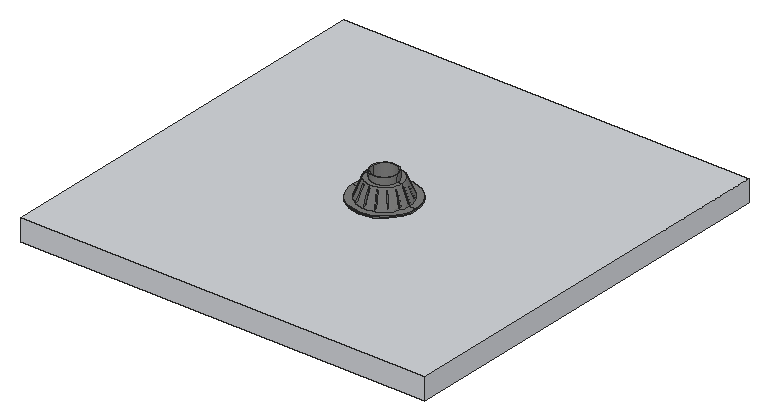
Revit family
Parameters (values of type "6"")
  URL = "WWW.MIFAB.COM"
  Roof Drain = Roof Drain
  Pipe Radius = 3.000"
  Pipe Diameter = Pipe Radius * 2  # 6.000"
  Model = "R1206-SO"
  Manufacturer = "MIFAB"
  HD = 3.000"
  Description = "LARGE SUMP DUAL\r\nOUTLET ROOF DRAIN"
  Default Elevation = 48.000"
  A = 5.000"
Types (5): name | Pipe Radius | Pipe Diameter | Model | HD | A
  (no name) | 3.000" | 6.000" | "R1206-SO" | 3.000" | 5.000"
  2" | 1.000" | 2.000" | "R1202-SO" | 3.000" | 6.000"
  3" | 1.500" | 3.000" | "R1203-SO" | 3.000" | 5.500"
  4" | 2.000" | 4.000" | "R1204-SO" | 2.200" | 5.000"
  6" | 3.000" | 6.000" | "R1206-SO" | 3.000" | 5.000"
Reference planes (in)
  plane 1 "Center (Front/Back)": y = 0
  plane 2: z = 0
  plane 3 "Center (Left/Right)": x = 0
  plane 4: z = -9
  plane 5: z = -0.2
  plane 6: z = 0.2085
  plane 7: x = 4.2
  plane 8: z = 4.56
  plane 9: x = 6
  plane 10: x = -0.25
  plane 11: x = 0.25
  plane 12: z = 4.15625
  plane 13: z = 0.7085
  plane 14: x = -4.25
  plane 15: x = 4.25
  plane 16: x = -7.5
  plane 17: x = 7.5
  plane 18: x = 3
  plane 19: z = 6
  plane 20: z = -5
  plane 21: z = -2
  plane 22: z = -8
  plane 23: x = 3
Forms (in)
  Extrusion 1, solid
    sketch origin (0, 0, 0) x (1, 0, 0) y (0, 1, 0)
      loop
        line (-48, 48) -> (-48, -48) -> (48, -48) -> (48, 48) -> (-48, 48)
    from 0 to -5.11616
  Revolve 2, solid, material "Roof Drain" <- "Roof Drain"
    sketch origin (0, 0, 0) x (1, 0, 0) y (0, 0, 1)
      loop
        line (3, 4.56) -> (3, 4.36) -> (4.06629, 4.36) -> (5.78356, 0.2085) -> (7.5, 0.2085) -> (7.5, 0.4085) -> (5.91727, 0.4085) -> (4.2, 4.56) -> (3, 4.56)
      axis (0, 0.2085) -> (0, 4.56)
    angle from 0 to 360
  Extrusion 3, void
    sketch origin (0, 0, 0) x (1, 0, 0) y (0, 0, 1)
      loop
        line (-0.25, 4.15625) -> (-0.25, 0.7085) -> (0.25, 0.7085) -> (0.25, 4.15625) -> (-0.25, 4.15625)
    from -6.43838 to 6.34689
  Extrusion 4, void
    sketch origin (0, 0, 0) x (0.92388, -0.382683, 0) y (0, 0, 1)
      loop
        line (-0.25, 4.15625) -> (-0.25, 0.7085) -> (0.25, 0.7085) -> (0.25, 4.15625) -> (-0.25, 4.15625)
    from -6.43838 to 6.34689
  Extrusion 5, void
    sketch origin (0, 0, 0) x (0.92388, 0.382683, 0) y (0, 0, 1)
      loop
        line (-0.25, 4.15625) -> (-0.25, 0.7085) -> (0.25, 0.7085) -> (0.25, 4.15625) -> (-0.25, 4.15625)
    from -6.43838 to 6.34689
  Extrusion 6, void
    sketch origin (0, 0, 0) x (0.707107, 0.707107, 0) y (0, 0, 1)
      loop
        line (-0.25, 4.15625) -> (-0.25, 0.7085) -> (0.25, 0.7085) -> (0.25, 4.15625) -> (-0.25, 4.15625)
    from -6.43838 to 6.34689
  Extrusion 7, void
    sketch origin (0, 0, 0) x (0.382683, 0.92388, 0) y (0, 0, 1)
      loop
        line (-0.25, 4.15625) -> (-0.25, 0.7085) -> (0.25, 0.7085) -> (0.25, 4.15625) -> (-0.25, 4.15625)
    from -6.43838 to 6.34689
  Extrusion 8, void
    sketch origin (0, 0, 0) x (0, 1, 0) y (0, 0, 1)
      loop
        line (-0.25, 4.15625) -> (-0.25, 0.7085) -> (0.25, 0.7085) -> (0.25, 4.15625) -> (-0.25, 4.15625)
    from -6.43838 to 6.34689
  Extrusion 9, void
    sketch origin (0, 0, 0) x (-0.382683, 0.92388, 0) y (0, 0, 1)
      loop
        line (-0.25, 4.15625) -> (-0.25, 0.7085) -> (0.25, 0.7085) -> (0.25, 4.15625) -> (-0.25, 4.15625)
    from -6.43838 to 6.34689
  Extrusion 10, void
    sketch origin (0, 0, 0) x (-0.707107, 0.707107, 0) y (0, 0, 1)
      loop
        line (-0.25, 4.15625) -> (-0.25, 0.7085) -> (0.25, 0.7085) -> (0.25, 4.15625) -> (-0.25, 4.15625)
    from -6.43838 to 6.34689
  Revolve 11, solid, material "Roof Drain" <- "Roof Drain"
    sketch origin (0, 0, 0) x (1, 0, 0) y (0, 0, 1)
      loop
        line (4.25, -8) -> (4.25, 0) -> (7.5, 0) -> (7.5, 0.2085) -> (4.05, 0.2085) -> (4.05, -7.8) -> (3, -7.8) -> (3, -8) -> (4.25, -8)
      axis (0, 0.2085) -> (0, -8)
    angle from 0 to 360
  Revolve 12, solid, material "Roof Drain" <- "Roof Drain"
    sketch origin (0, 0, 0) x (1, 0, 0) y (0, 0, 1)
      loop
        line (3, 6) -> (2.8, 6) -> (2.8, -9) -> (3, -9) -> (3, 6)
      axis (0, 6) -> (0, -9)
    angle from 0 to 360
  Revolve 13, solid, material "Roof Drain" <- "Roof Drain"
    sketch origin (0, 0, 0) x (1, 0, 0) y (0, 0, 1)
      loop
        line (3, -8) -> (6, -8) -> (6, -7.9) -> (3, -7.9) -> (3, -8)
      axis (6, -5) -> (3, -5)
    angle from 0 to 360
  Revolve 14, void
    sketch origin (0, 0, 0) x (1, 0, 0) y (0, 0, 1)
      loop
        line (6, -5) -> (3, -5) -> (3, -7.9) -> (6, -7.9) -> (6, -5)
      axis (3, -5) -> (6, -5)
    angle from 0 to 360
Cuts and joins
  Extrusion 3, Extrusion 4, Extrusion 5, Extrusion 6, Extrusion 7, Extrusion 8, Extrusion 9, Extrusion 10 cuts Revolve 2
  Revolve 14 cuts Revolve 11
  Revolve 14 cuts Revolve 13
  joined: Revolve 11, Revolve 13
Dimensions and locks (in)
  level to plane 4 = 9.000"
  level to plane 5 = 0.200"
  locked: plane 7 to plane 3 "Center (Left/Right)" at 4.2
  locked: plane 8 to level at 4.56
  locked: plane 9 to plane 3 "Center (Left/Right)" at 6
  locked: plane 8 to Revolve 2 sketch curve at 0.2
  locked: Revolve 2 sketch curve to Revolve 2 sketch curve at 0.2
  plane 8 to plane 12 = 0.40375"
  locked: plane 13 to plane 6 at 0.5
  plane 14 to plane 15 = 8.500"
  equal spacing: plane 14, plane 3 "Center (Left/Right)", plane 15
  equal spacing: plane 16, plane 3 "Center (Left/Right)", plane 17
  plane 16 to plane 17 = 15.000"
  locked: plane 15 to Revolve 11 sketch curve at 0.2
  plane 19 to level = 6.000"
  "A": level to plane 20
  plane 3 "Center (Left/Right)" to plane 18 to plane 15 = 3.000", 1.250"
  equal spacing: plane 21, plane 20, plane 22
  "Pipe Diameter": plane 21 to plane 22
  "Pipe Radius": plane 18 to plane 3 "Center (Left/Right)"
  locked: Revolve 13 sketch curve to plane 22 at 0.1
  locked: Revolve 2 sketch curve to plane 6 at 0.2
  locked: Revolve 14 sketch curve to plane 22 at 0.1
  "HD": plane 23 to plane 3 "Center (Left/Right)"
  aligned and locked: plane 2 to Extrusion 1
  aligned and locked: level to Extrusion 1
  aligned and locked: plane 3 "Center (Left/Right)" to Revolve 2 sketch curve
  aligned and locked: Revolve 2 sketch curve to plane 8
  aligned and locked: plane 7 to Revolve 2 sketch curve
  aligned and locked: Revolve 2 sketch curve to plane 6
  aligned and locked: Revolve 11 sketch curve to plane 3 "Center (Left/Right)"
  aligned and locked: plane 15 to Revolve 11 sketch curve
  aligned and locked: Revolve 11 sketch curve to level
  aligned and locked: Revolve 11 sketch curve to plane 22
  aligned and locked: Revolve 12 sketch curve to plane 18
  aligned and locked: Revolve 12 sketch curve to plane 19
  aligned and locked: plane 4 to Revolve 12 sketch curve
  aligned and locked: Revolve 12 sketch curve to plane 3 "Center (Left/Right)"
  aligned and locked: plane 20 to Revolve 13 sketch curve
  aligned and locked: Revolve 2 sketch curve to plane 17
  aligned and locked: Revolve 11 sketch curve to plane 6
  aligned and locked: Revolve 2 sketch curve to plane 18
  aligned and locked: Revolve 11 sketch curve to plane 18
  aligned and locked: Revolve 14 sketch curve to cut or joined group of Revolve 11, Revolve 13, Revolve 14  (x2)
  aligned and locked: Revolve 14 sketch curve to plane 20
  aligned and locked: plane 23 to cut or joined group of Revolve 11, Revolve 13, Revolve 14
  aligned and locked: cut or joined group of Revolve 11, Revolve 13, Revolve 14 to plane 9
Automatic sketch dimensions
  Extrusion 1 sketch curve to Extrusion 1 sketch curve = 96.000"  (x2)
  Extrusion 3 sketch curve to Extrusion 3 sketch curve = 0.500"
  Extrusion 3 sketch curve to Extrusion 3 sketch curve = 3.44775"
  Extrusion 4 sketch curve to Extrusion 4 sketch curve = 0.500"
  Extrusion 4 sketch curve to Extrusion 4 sketch curve = 3.44775"
  Extrusion 5 sketch curve to Extrusion 5 sketch curve = 0.500"
  Extrusion 5 sketch curve to Extrusion 5 sketch curve = 3.44775"
  Extrusion 6 sketch curve to Extrusion 6 sketch curve = 0.500"
  Extrusion 6 sketch curve to Extrusion 6 sketch curve = 3.44775"
  Extrusion 7 sketch curve to Extrusion 7 sketch curve = 0.500"
  Extrusion 7 sketch curve to Extrusion 7 sketch curve = 3.44775"
  Extrusion 8 sketch curve to Extrusion 8 sketch curve = 0.500"
  Extrusion 8 sketch curve to Extrusion 8 sketch curve = 3.44775"
  Extrusion 9 sketch curve to Extrusion 9 sketch curve = 0.500"
  Extrusion 9 sketch curve to Extrusion 9 sketch curve = 3.44775"
  Extrusion 10 sketch curve to Extrusion 10 sketch curve = 0.500"
  Extrusion 10 sketch curve to Extrusion 10 sketch curve = 3.44775"
  Revolve 12 sketch curve to plane 18 = 0.200"
  plane 4 to Revolve 12 sketch curve = 2.250"
  Revolve 12 sketch curve to Revolve 12 sketch curve = 4.250"
  Revolve 13 sketch curve to plane 22 = 0.000"
  Revolve 13 sketch curve to plane 9 = 0.000"
  Revolve 13 sketch curve to plane 9 = 0.250"
  plane 9 to Revolve 13 sketch curve = 0.500"
  Revolve 13 sketch curve to plane 7 = 1.200"
  Revolve 2 sketch curve to plane 9 = 0.08273"
  plane 19 to Revolve 2 sketch curve = 3.560"
  Revolve 2 sketch curve to Revolve 2 sketch curve = 1.750"
  plane 4 to Revolve 11 sketch curve = 2.000"
  Revolve 11 sketch curve to Revolve 11 sketch curve = 2.000"
  Revolve 11 sketch curve to Revolve 11 sketch curve = 0.200"
  Revolve 11 sketch curve to plane 17 = 0.000"
  Revolve 14 sketch curve to plane 20 = 0.000"
  plane 17 to Revolve 14 sketch curve = 3.500"
  Revolve 14 sketch curve to Revolve 14 sketch curve = 1.000"
Connectors (in)
  piping at (6, 0, -5), driven by "Pipe Radius"
    settings: on cut or joined group of Revolve 11, Revolve 13, Revolve 14, index 1, connector radius 3", flow factor 0, pipe flow 0 GPM, pressure drop 0.00 psi, fitting loss kfactor 0, connector angle 0.00°, fixture units 0, flow configuration 0, flow direction 0, fitting loss method 0, system type 16, connector reference index -1, connector utility 0, adjustable connector no, is connector primary yes, fitting loss table "", connector description ""
